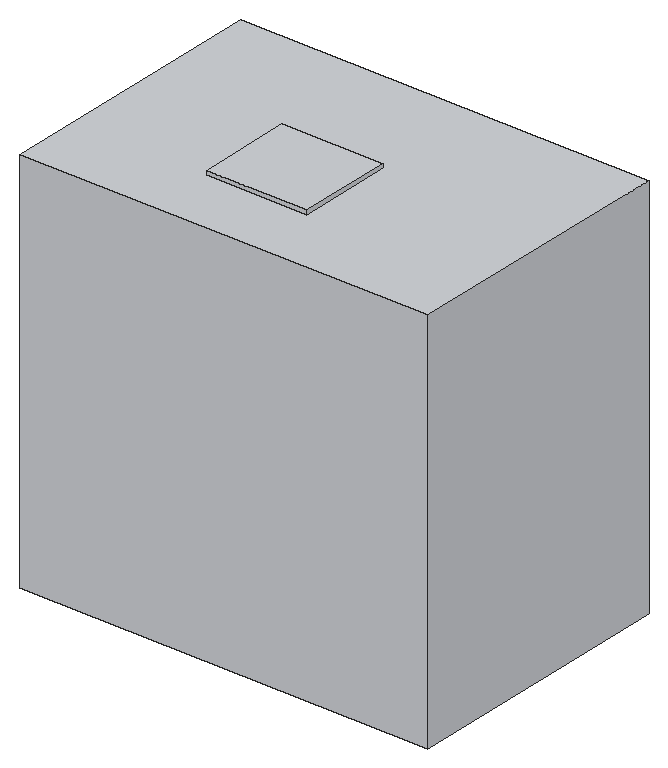
Revit family "2f0ff516302d4533a0e06998b5db85c0", category Mechanical Equipment, Revit 2021
Family settings
  Round Connector Dimension = Use Radius
  Part Type = Normal
  OmniClass Number = 23.75.10.24.21.27.11
  OmniClass Title = Packaged Air Conditioners
  Seek Item ID = Air Conditioner - Vertical Packaged - Water Cooled - 20-110 Tons-0000-USA-ENU
  Work Plane-Based = No
  Always vertical = Yes
  Cut with Voids When Loaded = No
  Shared = No
  Room Calculation Point = No
Parameters (values of type "20 Tons")
  Voltage = 460 V
  Visibility = no
  Pressure Drop [instance] = 2.384 psi
  Outlet Radius = 1 1/4"
  Outlet Diameter = Outlet Radius * 2  # 2 1/2"
  Number of Poles = 3
  Unit Material = none
  Load Classification = Cooling
  Inlet Radius = 1 1/4"
  Inlet Diameter = Inlet Radius * 2  # 2 1/2"
  Flow [instance] = 60 GPM
  Duct Width 2 = 82 5/8"
  Duct Width 1 = 23 205/256"
  Duct Height 2 = 58 1/2"
  Duct Height 1 = 22 51/128"
  Default Elevation = 0' - 0"
  Conditioner Width = 5' - 5"
  Conditioner Length = 8' - 0 3/8"
  Conditioner Height = 7' - 7 5/8"
  Condensate Radius = 5/8"
  Condensate Diameter = Condensate Radius * 2  # 1 1/4"
  C6 Offset 2 = 1' - 11 1/2"
  C6 Offset 1 = 0' - 8"
  C5 Offset 2 = 2' - 3"
  C5 Offset 1 = 2' - 7 1/2"
  C4 Offset 2 = 0' - 4 3/4"
  C4 Offset 1 = 0' - 4"
  C3 Offset 2 = 0' - 4 3/4"
  C3 Offset 1 = 2' - 9 3/8"
  C2 Offset 2 = 1' - 4 3/4"
  C2 Offset 1 = 1' - 5"
  C1 Offset 2 = 1' - 5 1/2"
  C1 Offset 1 = 0' - 5"
  Apparent Load = 37285 VA
  Air Flow [instance] = 8000 CFM
Types (18): name | Visibility | Pressure Drop | Outlet Radius | Outlet Diameter | Inlet Radius | Inlet Diameter | Flow | Duct Width 2 | Duct Width 1 | Duct Height 2 | Duct Height 1 | Conditioner Width | Conditioner Length | Conditioner Height | Condensate Radius | Condensate Diameter | C6 Offset 2 | C6 Offset 1 | C5 Offset 2 | C5 Offset 1 | C4 Offset 2 | C4 Offset 1 | C3 Offset 2 | C3 Offset 1 | C2 Offset 2 | C2 Offset 1 | C1 Offset 2 | C1 Offset 1 | Apparent Load | Air Flow
  (no name) | no | 2.384 psi | 1 1/4" | 2 1/2" | 1 1/4" | 2 1/2" | 60 GPM | 82 5/8" | 23 205/256" | 58 1/2" | 22 51/128" | 5' - 5" | 8' - 0 3/8" | 7' - 7 5/8" | 5/8" | 1 1/4" | 1' - 11 1/2" | 0' - 8" | 2' - 3" | 2' - 7 1/2" | 0' - 4 3/4" | 0' - 4" | 0' - 4 3/4" | 2' - 9 3/8" | 1' - 4 3/4" | 1' - 5" | 1' - 5 1/2" | 0' - 5" | 37285 VA | 8000 CFM
  20 Tons | no | 2.384 psi | 1 1/4" | 2 1/2" | 1 1/4" | 2 1/2" | 60 GPM | 82 5/8" | 23 205/256" | 58 1/2" | 22 51/128" | 5' - 5" | 8' - 0 3/8" | 7' - 7 5/8" | 5/8" | 1 1/4" | 1' - 11 1/2" | 0' - 8" | 2' - 3" | 2' - 7 1/2" | 0' - 4 3/4" | 0' - 4" | 0' - 4 3/4" | 2' - 9 3/8" | 1' - 4 3/4" | 1' - 5" | 1' - 5 1/2" | 0' - 5" | 37285 VA | 8000 CFM
  42 Tons | no | 12.138 psi | 1 1/2" | 3" | 1 1/2" | 3" | 126 GPM | 105 1/8" | 33" | 71 1/8" | 31 1/2" | 6' - 8 3/8" | 10' - 0 1/2" | 7' - 4" | 5/8" | 1 1/4" | 1' - 2 1/4" | 0' - 8" | 2' - 7 1/2" | 3' - 7 205/256" | 0' - 5 3/4" | 0' - 5" | 0' - 4 7/8" | 4' - 0 7/8" | 0' - 9 3/4" | 2' - 1 1/4" | 0' - 9 1/4" | 0' - 6" | 67113 VA | 16800 CFM
  90 Tons | yes | 13.005 psi | 2" | 4" | 2" | 4" | 225 GPM | 128 1/4" | 33 1/2" | 71" | 34 1/2" | 6' - 8 1/2" | 11' - 8" | 7' - 5 1/2" | 3/4" | 1 1/2" | 1' - 2 3/4" | 0' - 5 7/8" | 2' - 4 205/256" | 4' - 7 51/128" | 0' - 4 3/4" | 0' - 4" | 1' - 2 3/4" | 2' - 9 3/8" | 1' - 0 3/4" | 0' - 5" | 1' - 1 3/4" | 1' - 5" | 111855 VA | 30000 CFM
  22 Tons | no | 3.251 psi | 1 1/4" | 2 1/2" | 1 1/4" | 2 1/2" | 66 GPM | 82 5/8" | 23 205/256" | 58 1/2" | 22 51/128" | 5' - 5" | 8' - 0 3/8" | 7' - 7 5/8" | 5/8" | 1 1/4" | 1' - 11 1/2" | 0' - 8" | 2' - 3" | 2' - 7 1/2" | 0' - 4 3/4" | 0' - 4" | 0' - 4 3/4" | 2' - 9 3/8" | 1' - 4 3/4" | 1' - 5" | 1' - 5 1/2" | 0' - 5" | 37285 VA | 8800 CFM
  25 Tons | no | 4.335 psi | 1 1/4" | 2 1/2" | 1 1/4" | 2 1/2" | 75 GPM | 82 5/8" | 23 205/256" | 58 1/2" | 22 51/128" | 5' - 5" | 8' - 0 3/8" | 7' - 7 5/8" | 5/8" | 1 1/4" | 1' - 11 1/2" | 0' - 8" | 2' - 3" | 2' - 7 1/2" | 0' - 4 3/4" | 0' - 4" | 0' - 4 3/4" | 2' - 9 3/8" | 1' - 4 3/4" | 1' - 5" | 1' - 5 1/2" | 0' - 5" | 37285 VA | 10000 CFM
  29 Tons | no | 7.37 psi | 1 1/4" | 2 1/2" | 1 1/4" | 2 1/2" | 87 GPM | 86 5/8" | 23 1/2" | 58 1/2" | 20 51/128" | 5' - 5" | 8' - 0 3/8" | 7' - 7 5/8" | 5/8" | 1 1/4" | 1' - 11 1/2" | 0' - 8" | 1' - 11 51/256" | 2' - 7 115/128" | 0' - 4 3/4" | 0' - 4" | 0' - 4 3/4" | 2' - 9 3/8" | 1' - 4 3/4" | 1' - 5" | 1' - 5 1/2" | 0' - 5" | 41013.5 VA | 11600 CFM
  32 Tons | no | 9.537 psi | 1 1/4" | 2 1/2" | 1 1/4" | 2 1/2" | 96 GPM | 86 5/8" | 23 1/2" | 58 1/2" | 20 51/128" | 5' - 5" | 8' - 0 3/8" | 7' - 7 5/8" | 5/8" | 1 1/4" | 1' - 11 1/2" | 0' - 8" | 1' - 11 51/256" | 2' - 7 115/128" | 0' - 4 3/4" | 0' - 4" | 0' - 4 3/4" | 2' - 9 3/8" | 1' - 4 3/4" | 1' - 5" | 1' - 5 1/2" | 0' - 5" | 41013.5 VA | 12800 CFM
  35 Tons | no | 10.838 psi | 1 1/4" | 2 1/2" | 1 1/4" | 2 1/2" | 105 GPM | 82 5/8" | 26 51/256" | 58 1/2" | 25 205/256" | 5' - 5" | 8' - 0 3/8" | 7' - 7 5/8" | 5/8" | 1 1/4" | 1' - 11 1/2" | 0' - 8" | 1' - 9 77/256" | 2' - 6 1/2" | 0' - 4 3/4" | 0' - 4" | 0' - 4 3/4" | 2' - 9 3/8" | 1' - 4 3/4" | 1' - 5" | 1' - 5 1/2" | 0' - 5" | 41013.5 VA | 14000 CFM
  38 Tons | no | 14.74 psi | 1 1/4" | 2 1/2" | 1 1/4" | 2 1/2" | 114 GPM | 82 5/8" | 26 51/256" | 58 1/2" | 25 205/256" | 5' - 5" | 8' - 0 3/8" | 7' - 7 5/8" | 5/8" | 1 1/4" | 1' - 11 1/2" | 0' - 8" | 1' - 9 77/256" | 2' - 6 1/2" | 0' - 4 3/4" | 0' - 4" | 0' - 4 3/4" | 2' - 9 3/8" | 1' - 4 3/4" | 1' - 5" | 1' - 5 1/2" | 0' - 5" | 41013.5 VA | 15200 CFM
  46 Tons | no | 15.607 psi | 1 1/2" | 3" | 1 1/2" | 3" | 138 GPM | 105 1/8" | 33" | 71 1/8" | 31 1/2" | 6' - 8 3/8" | 10' - 0 1/2" | 7' - 4" | 5/8" | 1 1/4" | 1' - 2 1/4" | 0' - 8" | 2' - 7 1/2" | 3' - 7 205/256" | 0' - 5 3/4" | 0' - 5" | 0' - 4 7/8" | 4' - 0 7/8" | 0' - 9 3/4" | 2' - 1 1/4" | 0' - 9 1/4" | 0' - 6" | 67113 VA | 18400 CFM
  52 Tons | no | 13.005 psi | 1 1/2" | 3" | 1 1/2" | 3" | 156 GPM | 105 1/8" | 33" | 71 1/8" | 31 1/2" | 6' - 8 3/8" | 10' - 0 1/2" | 7' - 4" | 5/8" | 1 1/4" | 1' - 2 1/4" | 0' - 8" | 2' - 7 1/2" | 3' - 7 205/256" | 0' - 5 3/4" | 0' - 5" | 0' - 4 7/8" | 4' - 0 7/8" | 0' - 9 3/4" | 2' - 1 1/4" | 0' - 9 1/4" | 0' - 6" | 82027 VA | 20800 CFM
  58 Tons | no | 16.04 psi | 1 1/2" | 3" | 1 1/2" | 3" | 174 GPM | 105 1/8" | 33" | 71 1/8" | 31 1/2" | 6' - 8 3/8" | 10' - 0 1/2" | 7' - 4" | 5/8" | 1 1/4" | 1' - 2 1/4" | 0' - 8" | 2' - 7 1/2" | 3' - 7 205/256" | 0' - 5 3/4" | 0' - 5" | 0' - 4 7/8" | 4' - 0 7/8" | 0' - 9 3/4" | 2' - 1 1/4" | 0' - 9 1/4" | 0' - 6" | 82027 VA | 23200 CFM
  65 Tons | no | 18.208 psi | 1 1/2" | 3" | 1 1/2" | 3" | 195 GPM | 105 1/8" | 33 1/2" | 71 1/8" | 34 1/2" | 6' - 8 3/8" | 10' - 0 1/2" | 7' - 4" | 5/8" | 1 1/4" | 1' - 2 1/4" | 0' - 8" | 2' - 4 77/128" | 3' - 7 1/2" | 0' - 5 3/4" | 0' - 5" | 0' - 4 7/8" | 4' - 0 7/8" | 0' - 9 3/4" | 2' - 1 1/4" | 0' - 9 1/4" | 0' - 6" | 82027 VA | 26000 CFM
  72 Tons | no | 19.942 psi | 1 1/2" | 3" | 1 1/2" | 3" | 216 GPM | 105 1/8" | 33 1/2" | 71 1/8" | 34 1/2" | 6' - 8 3/8" | 10' - 0 1/2" | 7' - 4" | 5/8" | 1 1/4" | 1' - 2 1/4" | 0' - 8" | 2' - 4 77/128" | 3' - 7 1/2" | 0' - 5 3/4" | 0' - 5" | 0' - 4 7/8" | 4' - 0 7/8" | 0' - 9 3/4" | 2' - 1 1/4" | 0' - 9 1/4" | 0' - 6" | 82027 VA | 28800 CFM
  80 Tons | no | 22.543 psi | 1 1/2" | 3" | 1 1/2" | 3" | 240 GPM | 105 1/8" | 33 1/2" | 71 1/8" | 34 1/2" | 6' - 8 3/8" | 10' - 0 1/2" | 7' - 4" | 5/8" | 1 1/4" | 1' - 2 1/4" | 0' - 8" | 2' - 4 77/128" | 3' - 7 1/2" | 0' - 5 3/4" | 0' - 5" | 0' - 4 7/8" | 4' - 0 7/8" | 0' - 9 3/4" | 2' - 1 1/4" | 0' - 9 1/4" | 0' - 6" | 82027 VA | 29800 CFM
  100 Tons | yes | 14.74 psi | 2" | 4" | 2" | 4" | 250 GPM | 128 1/2" | 33 1/2" | 71" | 34 1/2" | 6' - 8 1/2" | 11' - 8" | 7' - 5 1/2" | 3/4" | 1 1/2" | 1' - 2 3/4" | 0' - 5 7/8" | 2' - 4 205/256" | 4' - 7 51/128" | 0' - 4 3/4" | 0' - 4" | 1' - 2 3/4" | 2' - 9 3/8" | 1' - 0 3/4" | 0' - 5" | 1' - 1 3/4" | 1' - 5" | 111855 VA | 32000 CFM
  110 Tons | yes | 13.439 psi | 2" | 4" | 2" | 4" | 250 GPM | 128 1/4" | 33 1/2" | 71" | 34 1/2" | 6' - 8 1/2" | 11' - 8" | 7' - 5 1/2" | 3/4" | 1 1/2" | 1' - 2 3/4" | 0' - 5 7/8" | 2' - 4 205/256" | 4' - 7 51/128" | 0' - 4 3/4" | 0' - 4" | 1' - 2 3/4" | 2' - 9 3/8" | 1' - 0 3/4" | 0' - 5" | 1' - 1 3/4" | 1' - 5" | 111855 VA | 32000 CFM
Reference planes (in)
  plane 1 "Center (Front/Back)": y = 0
  plane 2: z = 0
  plane 3 "Center (Left/Right)": x = 0
  plane 4: y = -65
  plane 5: z = 91.625
  plane 6: x = 96.375
  plane 7: y = 5.75
  plane 8: x = 5.875
  plane 9: x = 134.125
  plane 10: x = 4
  plane 11: y = -60.25
  plane 12: z = 14.75
  plane 13: z = 85.75
  plane 14: z = 17.5
  plane 15: z = 4.75
  plane 16: y = -5
  plane 17: y = -17
  plane 18: z = 16.75
  plane 19: y = -33.375
  plane 20: x = -1
  plane 21: x = 31.5
  plane 22: x = 55.30078
  plane 23: y = -27
  plane 24: y = -49.39844
  plane 25: z = 92.625
  plane 26: y = 1
Forms (in)
  Extrusion 1, solid, material <- "Unit Material"
    sketch origin (0, 0, 0) x (0, 1, 0) y (0, 0, 1)
      loop
        line (0, 91.625) -> (-65, 91.625) -> (-65, 0) -> (0, 0) -> (0, 91.625)
    from 0 to 96.375
  Extrusion 2, solid, material <- "Unit Material"
    sketch origin (0, 0, 0) x (1, 0, 0) y (0, 1, 0)
      loop
        circle (4, -60.25) r 0.5
    from 85.75 to 91.625
  Extrusion 3, solid, material <- "Unit Material"
    sketch origin (0, 0, 0) x (0, 1, 0) y (0, 0, 1)
      loop
        circle (-5, 17.5) r 0.625
    from -1 to 0
  Extrusion 4, solid, material <- "Unit Material"
    sketch origin (0, 0, 0) x (0, 1, 0) y (0, 0, 1)
      loop
        circle (-17, 16.75) r 1.25
    from -1 to 0
  Extrusion 5, solid, material <- "Unit Material"
    sketch origin (0, 0, 0) x (0, 1, 0) y (0, 0, 1)
      loop
        circle (-33.375, 4.75) r 1.25
    from -1 to 0
  Extrusion 6, solid
    sketch origin (0, 0, 0) x (1, 0, 0) y (0, 1, 0)
      loop
        line (31.5, -27) -> (31.5, -49.39844) -> (55.30078, -49.39844) -> (55.30078, -27) -> (31.5, -27)
    from 91.625 to 92.625
  Extrusion 7, solid
    sketch origin (0, 0, 0) x (1, 0, 0) y (0, 0, 1)
      loop
        line (90.625, 82) -> (8, 82) -> (8, 23.5) -> (90.625, 23.5) -> (90.625, 82)
    from -1 to 0
Cuts and joins
  joined: Extrusion 1, Extrusion 2, Extrusion 3, Extrusion 4
Dimensions and locks (in)
  "Conditioner Width": plane 1 "Center (Front/Back)" to plane 4
  "Conditioner Height": plane 5 to plane 2
  "Conditioner Length": plane 3 "Center (Left/Right)" to plane 6
  locked: plane 7 to Extrusion 1 at 5.75
  locked: plane 3 "Center (Left/Right)" to plane 8 at 5.875
  locked: plane 8 to plane 9 at 128.25
  "C4 Offset 1": plane 3 "Center (Left/Right)" to plane 10
  "C4 Offset 2": plane 11 to plane 4
  locked: plane 12 to plane 2 at 14.75
  locked: plane 13 to plane 12 at 71
  "C1 Offset 2": plane 14 to plane 2
  "C3 Offset 2": plane 15 to plane 2
  "C1 Offset 1": plane 1 "Center (Front/Back)" to plane 16
  "C2 Offset 1": plane 1 "Center (Front/Back)" to plane 17
  "C2 Offset 2": plane 18 to plane 2
  "C3 Offset 1": plane 1 "Center (Front/Back)" to plane 19
  locked: plane 20 to plane 3 "Center (Left/Right)" at 1
  "C5 Offset 1": plane 3 "Center (Left/Right)" to plane 21
  "Duct Width 1": plane 21 to plane 22
  "C5 Offset 2": plane 23 to plane 1 "Center (Front/Back)"
  "Duct Height 1": plane 23 to plane 24
  locked: plane 25 to plane 5 at 1
  "C6 Offset 2": plane 2 to Extrusion 7 sketch curve
  "C6 Offset 1": Extrusion 7 sketch curve to plane 3 "Center (Left/Right)"
  "Duct Width 2": Extrusion 7 sketch curve to Extrusion 7 sketch curve
  "Duct Height 2": Extrusion 7 sketch curve to Extrusion 7 sketch curve
  locked: plane 1 "Center (Front/Back)" to plane 26 at 1
  radius of Extrusion 2 sketch curve = 0' - 0 1/2"
  "Condensate Radius": radius of Extrusion 3 sketch curve
  "Inlet Radius": radius of Extrusion 4 sketch curve
  "Outlet Radius": radius of Extrusion 5 sketch curve
  aligned and locked: plane 1 "Center (Front/Back)" to Extrusion 1 sketch curve
  aligned and locked: plane 5 to Extrusion 1 sketch curve
  aligned and locked: plane 4 to Extrusion 1 sketch curve
  aligned and locked: plane 2 to Extrusion 1 sketch curve
  aligned and locked: Extrusion 1 to plane 3 "Center (Left/Right)"
  aligned and locked: Extrusion 1 to plane 6
  aligned and locked: plane 11 to Extrusion 2 sketch curve
  aligned and locked: plane 10 to Extrusion 2 sketch curve
  aligned and locked: plane 5 to Extrusion 2
  aligned and locked: plane 13 to Extrusion 2
  aligned and locked: plane 14 to Extrusion 3 sketch curve
  aligned and locked: plane 16 to Extrusion 3 sketch curve
  aligned and locked: plane 18 to Extrusion 4 sketch curve
  aligned and locked: plane 17 to Extrusion 4 sketch curve
  aligned and locked: plane 15 to Extrusion 5 sketch curve
  aligned and locked: plane 19 to Extrusion 5 sketch curve
  aligned and locked: Extrusion 4 to plane 20
  aligned and locked: Extrusion 3 to plane 20
  aligned and locked: Extrusion 5 to plane 20
  aligned and locked: plane 3 "Center (Left/Right)" to Extrusion 4
  aligned and locked: plane 3 "Center (Left/Right)" to Extrusion 3
  aligned and locked: plane 3 "Center (Left/Right)" to Extrusion 5
  aligned and locked: plane 21 to Extrusion 6 sketch curve
  aligned and locked: Extrusion 6 sketch curve to plane 23
  aligned and locked: plane 24 to Extrusion 6 sketch curve
  aligned and locked: Extrusion 6 sketch curve to plane 22
  aligned and locked: Extrusion 6 to plane 5
  aligned and locked: plane 25 to Extrusion 6
  aligned and locked: plane 1 "Center (Front/Back)" to Extrusion 7
  aligned and locked: plane 26 to Extrusion 7
Connectors (in)
  piping at (-1, -5, 17.5), diameter 1.25, driven by "Condensate Radius"
    settings: on Extrusion 3, index 1, connector inside diameter 1 1/4", connector length 0' - 0", flow factor 0, pipe flow 0 GPM, pressure drop 0.00 psi, fitting loss kfactor 0, connector angle 0.00°, fixture units 0, engagement length 0' - 0", angle of deflection 0.00°, flow configuration 1, flow direction 2, fitting loss method 0, system type 16, joint type 0, gender type 0, connector reference index -1, connector utility 0, adjustable connector yes, is connector primary yes, connector description "Drain Out"
  piping at (-1, -17, 16.75), diameter 2.5, driven by "Inlet Radius", driven by "Flow"
    settings: on Extrusion 4, index 2, connector inside diameter 2 1/2", connector length 0' - 0", flow factor 0, pipe flow 60 GPM, pressure drop 0.00 psi, fitting loss kfactor 0, connector angle 0.00°, fixture units 0, engagement length 0' - 0", angle of deflection 0.00°, flow configuration 1, flow direction 1, fitting loss method 4, system type 7, joint type 0, gender type 0, connector reference index 3, connector utility 0, adjustable connector no, is connector primary no, connector description "Water In"
  piping at (-1, -33.375, 4.75), diameter 2.5, driven by "Flow", driven by "Pressure Drop", driven by "Outlet Radius"
    settings: on Extrusion 5, index 3, connector inside diameter 2 1/2", connector length 0' - 0", flow factor 0, pipe flow 60 GPM, pressure drop 2.384 psi, fitting loss kfactor 0, connector angle 0.00°, fixture units 0, engagement length 0' - 0", angle of deflection 0.00°, flow configuration 1, flow direction 2, fitting loss method 4, system type 8, joint type 0, gender type 0, connector reference index 2, connector utility 0, adjustable connector no, is connector primary no, connector description "Water Out"
  electrical at (4, -60.25, 91.625), driven by "Apparent Load", driven by "Voltage", driven by "Number of Poles", driven by "Load Classification"
    settings: on Extrusion 2, index 4, voltage 460 V, apparent load 37285 VA, apparent load phase1 0 VA, apparent load phase2 0 VA, apparent load phase3 0 VA, power factor 0.8, load classification "Cooling", number of poles 3, system type 30, power factor state 1, is connector primary yes, connector utility no, sub classification motor no, connector description ""
  hvac at (43.40039, -38.19922, 92.625), driven by "Air Flow", driven by "Duct Height 1", driven by "Duct Width 1"
    settings: on Extrusion 6, index 5, duct flow 8000 CFM, flow factor 0, pres drop 0.00 in-wg, loss coef 0, conn angle 0.00°, conn width 23 205/256", conn height 22 51/128", conn diameter 24", duct sys type 1, conn prof type 1, flow config 0, flow direction 2, loss method 0, conn ref index 6, conn util no, is conn primary yes, conn desc ""
  hvac at (49.3125, 1, 52.75), driven by "Duct Height 2", driven by "Duct Width 2", driven by "Air Flow"
    settings: on Extrusion 7, index 6, duct flow 8000 CFM, flow factor 0, pres drop 0.00 in-wg, loss coef 0, conn angle 0.00°, conn width 82 5/8", conn height 58 1/2", conn diameter 24", duct sys type 2, conn prof type 1, flow config 0, flow direction 1, loss method 0, conn ref index 5, conn util no, is conn primary no, conn desc ""
